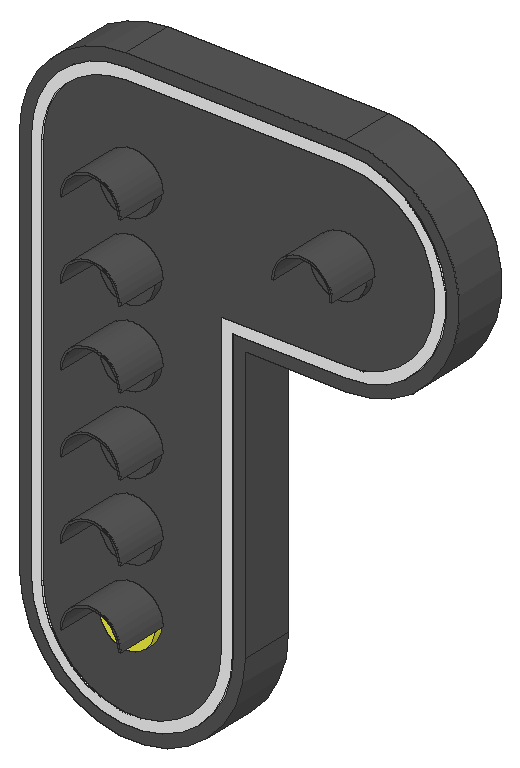
Revit family "Signalisation Type F", category Equipement spécialisé, Revit 2016
Family settings
  Type d'élément = Normal
  Cote de connecteur circulaire = Utiliser le diamètre
  Basée sur le plan de construction = Non
  Toujours verticalement = Oui
  Couper avec des vides une fois chargée = Non
  Partagée = Non
  Point de calcul de pièce = Non
Parameters (values of type "Jaune")
  Matériaux 6 = Jaune
  Matériaux 5 = Gris 25
  Matériaux 4 = Gris 25
  Matériaux 3 = Gris 25
  Matériaux 2 = Gris 25
  Matériaux 1.2 = Gris 25
  Matériaux 1.1 = Gris 25
Types (3, lengths in mm): name | Matériaux 6 | Matériaux 5 | Matériaux 4
  Vert | Gris 25 | Gris 25 | Vert
  Rouge | Gris 25 | Rouge | Gris 25
  Jaune | Jaune | Gris 25 | Gris 25
Reference planes
  plane 1 "Centre (avant/arrière)": y = 0
  plane 2: z = 0
  plane 3 "Centre (gauche/droite)": x = 0
Forms (mm)
  Extrusion 1, solid, material "Gris 25"
    sketch origin (0, 0, 0) x (1, 0, 0) y (0, 0, 1)
      loop
        line (320, 320) -> (320, 1100) -> (605, 1100)
        arc (605, 1100) -> (925, 1420) -> (605, 1740) r 320
        line (605, 1740) -> (-20, 1740)
        arc (-20, 1740) -> (-232.132, 1652.132) -> (-320, 1440) r 300
        line (-320, 1440) -> (-320, 320)
        arc (-320, 320) -> (0, 0) -> (320, 320) r 320
    from 0 to 150
  Sweep 2, solid, material "Blanc"
    path origin (0, -150, 0) x (1, 0, 0) y (0, 0, 1)
      loop
        line (270, 320) -> (270, 1150) -> (605, 1150)
        arc (605, 1150) -> (875, 1420) -> (605, 1690) r 270
        line (605, 1690) -> (-20, 1690)
        arc (-20, 1690) -> (-196.777, 1616.777) -> (-270, 1440) r 250
        line (-270, 1440) -> (-270, 320)
        arc (-270, 320) -> (0, 50) -> (270, 320) r 270
    profile origin (270, -150, 735) x (-1, 0, 0) y (0, -1, 0)
      loop
        line (15, 0) -> (15, 2) -> (-15, 2) -> (-15, 0) -> (15, 0)
  Extrusion 3, solid, material "Jaune" <- "Matériaux 6"
    sketch origin (0, -150, 0) x (1, 0, 0) y (0, 0, 1)
      loop
        circle (0, 320) r 80
    from 0 to 20
  Extrusion 4, solid, material "Gris 25" <- "Matériaux 5"
    sketch origin (0, -150, 220) x (1, 0, 0) y (0, 0, 1)
      loop
        circle (0, 320) r 80
    from 0 to 20
  Extrusion 5, solid, material "Gris 25" <- "Matériaux 4"
    sketch origin (0, -150, 440) x (1, 0, 0) y (0, 0, 1)
      loop
        circle (0, 320) r 80
    from 0 to 20
  Extrusion 6, solid, material "Gris 25" <- "Matériaux 3"
    sketch origin (0, -150, 660) x (1, 0, 0) y (0, 0, 1)
      loop
        circle (0, 320) r 80
    from 0 to 20
  Extrusion 7, solid, material "Gris 25" <- "Matériaux 2"
    sketch origin (0, -150, 880) x (1, 0, 0) y (0, 0, 1)
      loop
        circle (0, 320) r 80
    from 0 to 20
  Extrusion 8, solid, material "Gris 25" <- "Matériaux 1.1"
    sketch origin (0, -150, 1100) x (1, 0, 0) y (0, 0, 1)
      loop
        circle (0, 320) r 80
    from 0 to 20
  Extrusion 9, solid, material "Gris 25" <- "Matériaux 1.2"
    sketch origin (600, -150, 1100) x (1, 0, 0) y (0, 0, 1)
      loop
        circle (0, 320) r 80
    from 0 to 20
  Extrusion 10, solid, material "Gris 25"
    sketch origin (0, -150, 0) x (1, 0, 0) y (0, 0, 1)
      loop
        line (80, 1420) -> (85, 1420)
        arc (85, 1420) -> (0, 1505) -> (-85, 1420) r 85
        line (-85, 1420) -> (-80, 1420)
        arc (-80, 1420) -> (0, 1500) -> (80, 1420) r 80
    from 0 to 150
  Extrusion 11, solid, material "Gris 25"
    sketch origin (600, -150, 0) x (1, 0, 0) y (0, 0, 1)
      loop
        line (80, 1420) -> (85, 1420)
        arc (85, 1420) -> (0, 1505) -> (-85, 1420) r 85
        line (-85, 1420) -> (-80, 1420)
        arc (-80, 1420) -> (0, 1500) -> (80, 1420) r 80
    from 0 to 150
  Extrusion 12, solid, material "Gris 25"
    sketch origin (0, -150, -220) x (1, 0, 0) y (0, 0, 1)
      loop
        line (80, 1420) -> (85, 1420)
        arc (85, 1420) -> (0, 1505) -> (-85, 1420) r 85
        line (-85, 1420) -> (-80, 1420)
        arc (-80, 1420) -> (0, 1500) -> (80, 1420) r 80
    from 0 to 150
  Extrusion 13, solid, material "Gris 25"
    sketch origin (0, -150, -440) x (1, 0, 0) y (0, 0, 1)
      loop
        line (80, 1420) -> (85, 1420)
        arc (85, 1420) -> (0, 1505) -> (-85, 1420) r 85
        line (-85, 1420) -> (-80, 1420)
        arc (-80, 1420) -> (0, 1500) -> (80, 1420) r 80
    from 0 to 150
  Extrusion 14, solid, material "Gris 25"
    sketch origin (0, -150, -660) x (1, 0, 0) y (0, 0, 1)
      loop
        line (80, 1420) -> (85, 1420)
        arc (85, 1420) -> (0, 1505) -> (-85, 1420) r 85
        line (-85, 1420) -> (-80, 1420)
        arc (-80, 1420) -> (0, 1500) -> (80, 1420) r 80
    from 0 to 150
  Extrusion 15, solid, material "Gris 25"
    sketch origin (0, -150, -880) x (1, 0, 0) y (0, 0, 1)
      loop
        line (80, 1420) -> (85, 1420)
        arc (85, 1420) -> (0, 1505) -> (-85, 1420) r 85
        line (-85, 1420) -> (-80, 1420)
        arc (-80, 1420) -> (0, 1500) -> (80, 1420) r 80
    from 0 to 150
  Extrusion 16, solid, material "Gris 25"
    sketch origin (0, -150, -1100) x (1, 0, 0) y (0, 0, 1)
      loop
        line (80, 1420) -> (85, 1420)
        arc (85, 1420) -> (0, 1505) -> (-85, 1420) r 85
        line (-85, 1420) -> (-80, 1420)
        arc (-80, 1420) -> (0, 1500) -> (80, 1420) r 80
    from 0 to 150
Dimensions and locks
  aligned and locked: level to plane 2
